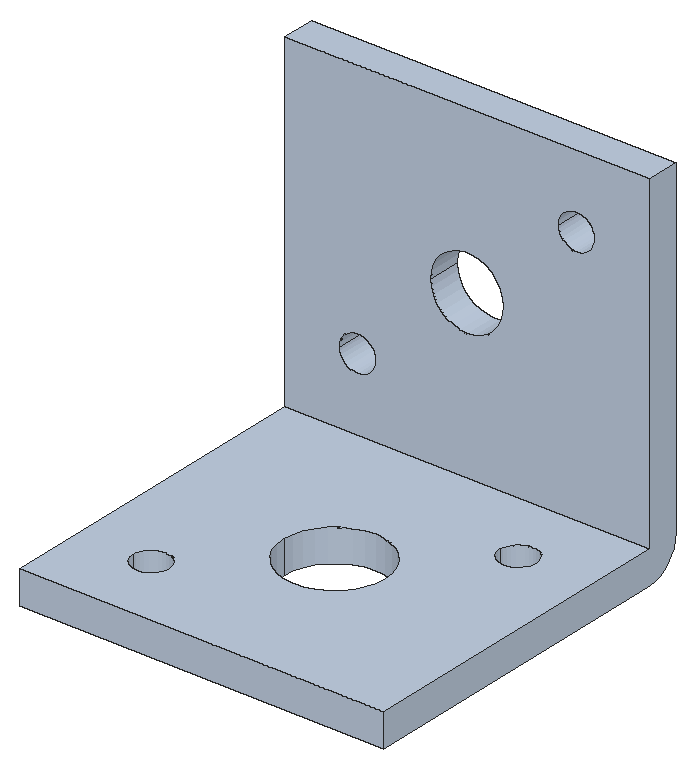
Revit family "AP", category 機械設備, Revit 2020
Family settings
  丸型コネクタ寸法 = 直径を使用
  パーツ タイプ = 標準
  OmniClass 番号 = 23.75.00.00
  OmniClass タイトル = Climate Control (HVAC)
  作業面ベース = いいえ
  常に垂直 = はい
  ロード時にボイドで切り取り = いいえ
  共有 = いいえ
  部屋計算ポイント = いいえ
Parameters (values of type "50x50x50x4.5")
  ﾋﾞｽ ﾏﾃﾘｱﾙ = 電気亜鉛メッキ
  ﾋﾞｽ B [instance] = no
  ﾋﾞｽ A [instance] = no
  ﾋﾞｽ 2 [instance] = no
  ﾋﾞｽ 1 [instance] = no
  ｵｰﾙｱﾝｶｰ ﾏﾃﾘｱﾙ = ステンレス鋼 AISI 304
  ｱﾝｸﾞﾙﾋﾟｰｽ ﾏﾃﾘｱﾙ = 溶融亜鉛メッキ
  ｱﾝｶｰ 2 [instance] = no
  ｱﾝｶｰ 1 [instance] = no
  製造元 = "株式会社サンユー"
  既定の高さ = 0 mm
  t = 4.5 mm
  e = 15 mm
  d = 12.75 mm
  c = 10 mm
  b = 12.75 mm
  a = 10 mm
  URL = "http://www.3you.co.jp"
  L = 50 mm
  H = 50 mm
  D = 50 mm
  APp = APp : 50x50x50x4.5
Types (5, lengths in mm): name | t | e | d | c | b | a | L | H | D | APp
  (no name) | 4.5 | 15 | 12.75 | 10 | 12.75 | 10 | 50 | 50 | 50 | APp : 50x50x50x4.5
  50x50x75x4.5 | 4.5 | 25 | 12.75 | 10 | 12.75 | 10 | 75 | 50 | 50 | APp : 50x50x75x4.5
  50x50x50x4.5 | 4.5 | 15 | 12.75 | 10 | 12.75 | 10 | 50 | 50 | 50 | APp : 50x50x50x4.5
  35x30x50x3.2 | 3.2 | 16.25 | 7.5 | 7.5 | 8.75 | 8.75 | 50 | 30 | 35 | APp : 35x30x50x3.2
  35x30x35x3.2 | 3.2 | 11 | 7.5 | 7.5 | 8.75 | 8.75 | 35 | 30 | 35 | APp : 35x30x35x3.2
Reference planes
  plane 1 "中心(正面/背面)": y = 0
  plane 2: z = 0
  plane 3 "中心(左/右)": x = 0
  plane 4: x = -25
  plane 5: z = 50
  plane 6: x = 25
  plane 7: z = 40
  plane 8: z = 27.25
  plane 9: z = 14.5
  plane 10 "1": z = 4.5
  plane 11: x = -15
  plane 12: x = 15
  plane 13 "2": y = -4.5
  plane 14: y = -14.5
  plane 15: y = -27.25
  plane 16: y = -40
  plane 17: y = -50
Dimensions and locks
  equal spacing: plane 6, plane 3 "中心(左/右)", plane 4
  "H": plane 5 to plane 2
  "L": plane 6 to plane 4
  "t": plane 10 "1" to plane 2
  "e": plane 12 to plane 3 "中心(左/右)" to plane 11
  "D": plane 17 to plane 1 "中心(正面/背面)"
  "t": plane 13 "2" to plane 1 "中心(正面/背面)"
  "a": plane 16 to plane 17
  "b": plane 14 to plane 15 to plane 16
  "c": plane 5 to plane 7
  "d": plane 7 to plane 8 to plane 9
  aligned and locked: level to plane 2
  aligned and locked: plane 3 "中心(左/右)" to nested 1
  aligned and locked: plane 15 to nested 1
  aligned and locked: nested 2 to plane 8
  aligned and locked: nested 6 to plane 12
  aligned and locked: plane 12 to nested 8
  aligned and locked: nested 8 to plane 7
  aligned and locked: plane 7 to nested 6
  aligned and locked: plane 11 to nested 5
  aligned and locked: plane 9 to nested 5
  aligned and locked: nested 7 to plane 11
  aligned and locked: nested 7 to plane 9
  aligned and locked: nested 10 to plane 11
  aligned and locked: plane 16 to nested 10
  aligned and locked: plane 11 to nested 4
  aligned and locked: nested 4 to plane 16
  aligned and locked: plane 12 to nested 9
  aligned and locked: plane 14 to nested 9
  aligned and locked: nested 3 to plane 12
  aligned and locked: nested 3 to plane 14
  aligned and locked: nested 6 to plane 1 "中心(正面/背面)"
  aligned and locked: nested 5 to plane 1 "中心(正面/背面)"
  aligned and locked: plane 2 to nested 9
  aligned and locked: plane 2 to nested 10
  aligned and locked: plane 13 "2" to nested 8
  aligned and locked: plane 13 "2" to nested 7
Nested families
  nested 1: "ｵｰﾙｱﾝｶｰ" at (0, -27.25, 4.5), visible <- "ｱﾝｶｰ 1", ｵｰﾙｱﾝｶｰ 表示 <- "ｱﾝｶｰ 1", type "ｵｰﾙｱﾝｶｰ"
    with ｵｰﾙｱﾝｶｰ 表示 no
  nested 2: "ｵｰﾙｱﾝｶｰ" at (0, -4.5, 27.25) x (1, 0, 0) z (0, -1, 0), visible <- "ｱﾝｶｰ 2", ｵｰﾙｱﾝｶｰ 表示 <- "ｱﾝｶｰ 2", type "ｵｰﾙｱﾝｶｰ"
    with ｵｰﾙｱﾝｶｰ 表示 no
  nested 3: "ﾅﾍﾞﾋﾞｽ" at (15, -14.5, 4.5), ﾋﾞｽ 表示 <- "ﾋﾞｽ 1", ﾋﾞｽ　ﾏﾃﾘｱﾙ <- "ﾋﾞｽ ﾏﾃﾘｱﾙ", type "5x19"
    with ﾋﾞｽ　ﾏﾃﾘｱﾙ 電気亜鉛メッキ, ﾋﾞｽ 表示 no
  nested 4: "ﾅﾍﾞﾋﾞｽ" at (-15, -40, 4.5), ﾋﾞｽ 表示 <- "ﾋﾞｽ 1", ﾋﾞｽ　ﾏﾃﾘｱﾙ <- "ﾋﾞｽ ﾏﾃﾘｱﾙ", type "5x19"
    with ﾋﾞｽ　ﾏﾃﾘｱﾙ 電気亜鉛メッキ, ﾋﾞｽ 表示 no
  nested 5: "ﾅﾍﾞﾋﾞｽ" at (-15, 0, 14.5) x (1, 0, 0) z (0, 1, 0), ﾋﾞｽ 表示 <- "ﾋﾞｽ B", ﾋﾞｽ　ﾏﾃﾘｱﾙ <- "ﾋﾞｽ ﾏﾃﾘｱﾙ", type "5x19"
    with ﾋﾞｽ　ﾏﾃﾘｱﾙ 電気亜鉛メッキ, ﾋﾞｽ 表示 no
  nested 6: "ﾅﾍﾞﾋﾞｽ" at (15, 0, 40) x (1, 0, 0) z (0, 1, 0), ﾋﾞｽ 表示 <- "ﾋﾞｽ B", ﾋﾞｽ　ﾏﾃﾘｱﾙ <- "ﾋﾞｽ ﾏﾃﾘｱﾙ", type "5x19"
    with ﾋﾞｽ　ﾏﾃﾘｱﾙ 電気亜鉛メッキ, ﾋﾞｽ 表示 no
  nested 7: "ﾅﾍﾞﾋﾞｽ" at (-15, -4.5, 14.5) x (1, 0, 0) z (0, -1, 0), ﾋﾞｽ 表示 <- "ﾋﾞｽ 2", ﾋﾞｽ　ﾏﾃﾘｱﾙ <- "ﾋﾞｽ ﾏﾃﾘｱﾙ", type "5x19"
    with ﾋﾞｽ　ﾏﾃﾘｱﾙ 電気亜鉛メッキ, ﾋﾞｽ 表示 no
  nested 8: "ﾅﾍﾞﾋﾞｽ" at (15, -4.5, 40) x (1, 0, 0) z (0, -1, 0), ﾋﾞｽ 表示 <- "ﾋﾞｽ 2", ﾋﾞｽ　ﾏﾃﾘｱﾙ <- "ﾋﾞｽ ﾏﾃﾘｱﾙ", type "5x19"
    with ﾋﾞｽ　ﾏﾃﾘｱﾙ 電気亜鉛メッキ, ﾋﾞｽ 表示 no
  nested 9: "ﾅﾍﾞﾋﾞｽ" at (15, -14.5, 0) x (1, 0, 0) z (0, 0, -1), ﾋﾞｽ 表示 <- "ﾋﾞｽ A", ﾋﾞｽ　ﾏﾃﾘｱﾙ <- "ﾋﾞｽ ﾏﾃﾘｱﾙ", type "5x19"
    with ﾋﾞｽ　ﾏﾃﾘｱﾙ 電気亜鉛メッキ, ﾋﾞｽ 表示 no
  nested 10: "ﾅﾍﾞﾋﾞｽ" at (-15, -40, 0) x (1, 0, 0) z (0, 0, -1), ﾋﾞｽ 表示 <- "ﾋﾞｽ A", ﾋﾞｽ　ﾏﾃﾘｱﾙ <- "ﾋﾞｽ ﾏﾃﾘｱﾙ", type "5x19"
    with ﾋﾞｽ　ﾏﾃﾘｱﾙ 電気亜鉛メッキ, ﾋﾞｽ 表示 no
  nested 11: "APp" at (0, 0, 0), type <- "APp", type "50x50x50x4.5"
Definition of nested family "APp"
  Parameters (values of type "50x50x50x4.5")
    ｱﾝｸﾞﾙﾋﾟｰｽ ﾏﾃﾘｱﾙ = none
    Manufacturer = "株式会社サンユー"
    Default Elevation = 0 mm
    t = 4.5 mm
    r = 7 mm
    e = 15 mm
    d = 12.75 mm
    c = 10 mm
    b = 12.75 mm
    a = 10 mm
    URL = "http://www.3you.co.jp"
    L = 50 mm
    H = 50 mm
    D = 50 mm
  Types (5, lengths in mm): name | t | r | e | d | c | b | a | L | H | D
    (no name) | 4.5 | 7 | 15 | 12.75 | 10 | 12.75 | 10 | 50 | 50 | 50
    50x50x75x4.5 | 4.5 | 7 | 25 | 12.75 | 10 | 12.75 | 10 | 75 | 50 | 50
    50x50x50x4.5 | 4.5 | 7 | 15 | 12.75 | 10 | 12.75 | 10 | 50 | 50 | 50
    35x30x50x3.2 | 3.2 | 7 | 16.25 | 7.5 | 7.5 | 8.75 | 8.75 | 50 | 30 | 35
    35x30x35x3.2 | 3.2 | 5 | 11 | 7.5 | 7.5 | 8.75 | 8.75 | 35 | 30 | 35
  Reference planes
    plane 1 "中心(正面/背面)": y = 0
    plane 2: z = 0
    plane 3 "中心(左/右)": x = 0
    plane 4: x = -25
    plane 5: z = 50
    plane 6: x = 25
    plane 7: z = 40
    plane 8: z = 27.25
    plane 9: z = 14.5
    plane 10: z = 4.5
    plane 11: x = -15
    plane 12: x = 15
    plane 13: y = -4.5
    plane 14: y = -14.5
    plane 15: y = -27.25
    plane 16: y = -40
    plane 17: y = -50
  Forms (mm)
    Extrusion 1, solid, material <- "ｱﾝｸﾞﾙﾋﾟｰｽ ﾏﾃﾘｱﾙ"
      sketch origin (0, 0, 0) x (1, 0, 0) y (0, 0, 1)
        loop
          line (-25, 50) -> (-25, 0) -> (25, 0) -> (25, 50) -> (-25, 50)
        loop
          circle (-15, 14.5) r 2.5
        loop
          circle (0, 27.25) r 5
        loop
          circle (15, 40) r 2.5
      from 0 to 4.5
    Extrusion 2, solid, material <- "ｱﾝｸﾞﾙﾋﾟｰｽ ﾏﾃﾘｱﾙ"
      sketch origin (0, 0, 0) x (1, 0, 0) y (0, 1, 0)
        loop
          line (-25, -4.5) -> (-25, -50) -> (25, -50) -> (25, -4.5) -> (-25, -4.5)
        loop
          circle (15, -14.5) r 2.5
        loop
          circle (-15, -40) r 2.5
        loop
          circle (0, -27.25) r 7
      from 0 to 4.5
    Extrusion 3, void
      sketch origin (0, 0, 0) x (0, 1, 0) y (0, 0, 1)
        loop
          arc (0, 4.5) -> (-1.318, 1.318) -> (-4.5, 0) r 4.5
          line (-4.5, 0) -> (0, 0) -> (0, 4.5)
      from -25 to 25
  Cuts and joins
    Extrusion 3 cuts Extrusion 1
    joined: Extrusion 1, Extrusion 2
  Dimensions and locks
    equal spacing: plane 6, plane 3 "中心(左/右)", plane 4
    "H": plane 5 to plane 2
    "L": plane 6 to plane 4
    "t": plane 10 to plane 2
    "e": plane 12 to plane 3 "中心(左/右)" to plane 11
    "D": plane 17 to plane 1 "中心(正面/背面)"
    "t": plane 13 to plane 1 "中心(正面/背面)"
    "a": plane 16 to plane 17
    "b": plane 14 to plane 15 to plane 16
    "c": plane 5 to plane 7
    "d": plane 7 to plane 8 to plane 9
    "r": radius of Extrusion 2 sketch curve
    aligned and locked: level to plane 2
    aligned and locked: Extrusion 3 to plane 4
    aligned and locked: Extrusion 3 to plane 6
    aligned and locked: plane 10 to cut or joined group of Extrusion 1, Extrusion 2, Extrusion 3
    aligned and locked: cut or joined group of Extrusion 1, Extrusion 2, Extrusion 3 to plane 13
  Automatic sketch dimensions
    Extrusion 1 sketch curve to plane 4 = 0 mm
    Extrusion 1 sketch curve to plane 9 = 0 mm
    Extrusion 1 sketch curve to plane 11 = 0 mm
    Extrusion 1 sketch curve to plane 3 "中心(左/右)" = 0 mm
    Extrusion 1 sketch curve to plane 7 = 0 mm
    plane 12 to Extrusion 1 sketch curve = 0 mm
    Extrusion 1 sketch curve to level = 0 mm
    plane 6 to Extrusion 1 sketch curve = 0 mm
    Extrusion 1 sketch curve to plane 8 = 0 mm
    Extrusion 1 sketch curve to plane 5 = 0 mm
    Extrusion 3 sketch curve to plane 10 = 0 mm
    Extrusion 3 sketch curve to level = 0 mm
    Extrusion 3 sketch curve to plane 1 "中心(正面/背面)" = 0 mm
    Extrusion 2 sketch curve to plane 4 = 0 mm
    Extrusion 2 sketch curve to plane 11 = 0 mm
    Extrusion 2 sketch curve to plane 3 "中心(左/右)" = 0 mm
    Extrusion 2 sketch curve to plane 12 = 0 mm
    Extrusion 2 sketch curve to plane 6 = 0 mm
    Extrusion 2 sketch curve to plane 17 = 0 mm
    Extrusion 2 sketch curve to plane 16 = 0 mm
    Extrusion 2 sketch curve to plane 15 = 0 mm
    Extrusion 2 sketch curve to plane 14 = 0 mm
    Extrusion 2 sketch curve to plane 13 = 0 mm
    radius of Extrusion 1 sketch curve = 2.5 mm  (x2)
    radius of Extrusion 1 sketch curve = 5 mm
    radius of Extrusion 2 sketch curve = 2.5 mm  (x2)
Definition of nested family "ｵｰﾙｱﾝｶｰ"
  Parameters (values of type "ｵｰﾙｱﾝｶｰ")
    ｵｰﾙｱﾝｶｰ ﾏﾃﾘｱﾙ = none
    ｵｰﾙｱﾝｶｰ 表示 [instance] = yes
    Default Elevation = 0 mm
  Reference planes
    plane 1 "中心(正面/背面)": y = 0
    plane 2: z = 0
    plane 3 "中心(左/右)": x = 0
  Forms (mm)
    Revolve 1, solid, material <- "ｵｰﾙｱﾝｶｰ ﾏﾃﾘｱﾙ", visible <- "ｵｰﾙｱﾝｶｰ 表示"
      sketch origin (0, 0, 0) x (1, 0, 0) y (0, 0, 1)
        loop
          line (0, 0) -> (0, 20.2) -> (-2.2, 20.2)
          arc (-2.2, 20.2) -> (-2.816, 19.556) -> (-3.25, 18.777) r 3.5
          line (-3.25, 18.777) -> (-3.25, 17.802)
          arc (-3.25, 17.802) -> (-3.219, 17.384) -> (-3.05, 17) r 1.245
          line (-3.05, 17) -> (-3.845, 17) -> (-5, 15.8) -> (-5, 1.369) -> (-11, 1.369) -> (-11, 0) -> (0, 0)
        axis (0, 20.2) -> (0, 0)
      angle from 0 to 360
  Dimensions and locks
    aligned and locked: level to plane 2
  Nested families
    nested 1: "ﾅｯﾄ" at (0, 0, 1.369), visible <- "ｵｰﾙｱﾝｶｰ 表示", type "ﾅｯﾄ"
  Definition of nested family "ﾅｯﾄ"
    Parameters (values of type "ﾅｯﾄ")
      ﾅｯﾄ　ﾏﾃﾘｱﾙ = none
      Default Elevation = 0 mm
    Reference planes
      plane 1 "中心(正面/背面)": y = 0
      plane 2: z = 0
      plane 3 "中心(左/右)": x = 0
      plane 4: z = 0
    Forms (mm)
      Extrusion 1, solid, material <- "ﾅｯﾄ　ﾏﾃﾘｱﾙ"
        sketch origin (-14.998, 0, 0) x (1, 0, 0) y (0, 1, 0)
          loop
            line (23.498, 4.907) -> (14.998, 9.815) -> (6.498, 4.907) -> (6.498, -4.907) -> (14.998, -9.815) -> (23.498, -4.907) -> (23.498, 4.907)
          loop
            circle (14.998, 0) r 4.5
        from 0 to 7.7
      Sweep 2, void
        path origin (0, 0, 0) x (1, 0, 0) y (0, 1, 0)
          loop
            circle (0, 0) r 8.5
        profile origin (0, 8.5, 0) x (0, -1, 0) y (0, 0, 1)
          loop
            line (0, 7.7) -> (-1.315, 7.7) -> (-1.315, 6.721)
            arc (-1.315, 6.721) -> (-0.612, 7.149) -> (0, 7.7) r 4.432
    Cuts and joins
      Sweep 2 cuts Extrusion 1
    Lines and regions (mm)
      reference lines
        curve 1: circle (0, 0, 0) r 8.5 normal (0, 0, 1)
    Dimensions and locks
      aligned and locked: level to plane 2
Definition of nested family "ﾅﾍﾞﾋﾞｽ"
  Parameters (values of type "4x13")
    ﾋﾞｽ　ﾏﾃﾘｱﾙ [instance] = none
    ﾋﾞｽ 表示 [instance] = yes
    頭 = 4 mm
    Default Elevation = 0 mm
    ねじ山 = L / 1.6 mm - 1  # 6
    Rビス = 1.2 mm
    L = 11.5 mm
  Types (5, lengths in mm): name | 頭 | ねじ山 | Rビス | L
    4x13 | 4 | 6 | 1.2 | 11.5
    4x16 | 4 | 8 | 1.2 | 14.5
    5x16 | 4.5 | 8 | 1.7 | 14.5
    5x19 | 4.5 | 10 | 1.7 | 17.5
    5x30 | 4.5 | 17 | 1.7 | 28.5
  Reference planes
    plane 1 "中心(正面/背面)": y = 0
    plane 2: z = 0
    plane 3 "中心(左/右)": x = 0
    plane 4: z = -11.5
    plane 5: x = -4
    plane 6: y = 0
    plane 7: z = -0.8
    plane 8: x = -3
    plane 9: y = 3
    plane 10: y = -3
    plane 11: x = 3
    plane 12: x = -1
    plane 13: x = -0.69
    plane 14: x = 0.69
    plane 15: y = -0.69
    plane 16: y = 0.69
    plane 17: y = 1
    plane 18: x = 1
    plane 19: y = -1
  Forms (mm)
    Revolve 1, solid, material <- "ﾋﾞｽ　ﾏﾃﾘｱﾙ", visible <- "ﾋﾞｽ 表示"
      sketch origin (0, 0, 0) x (1, 0, 0) y (0, 0, -1)
        loop
          line (0, 13) -> (-1.2, 11.5) -> (-1.2, 0) -> (0, 0) -> (0, 13)
        axis (0, 0) -> (0, 13)
      angle from 0 to 360
    Revolve 2, solid, material <- "ﾋﾞｽ　ﾏﾃﾘｱﾙ", visible <- "ﾋﾞｽ 表示"
      sketch origin (0, 0, 1.042) x (1, 0, 0) y (0, 0, -1)
        loop
          line (0, -2.755) -> (0, 1.042) -> (-2.904, 1.042)
          arc (-2.904, 1.042) -> (-3.698, 0.703) -> (-4, -0.106) r 1.097
          arc (-4, -0.106) -> (-3.448, -1.556) -> (-2.283, -2.58) r 3.224
          arc (-2.283, -2.58) -> (-1.144, -2.701) -> (0, -2.755) r 19.822
        axis (0, -2.755) -> (0, 1.042)
      angle from 0 to 360
    Extrusion 3, void
      sketch origin (0, 0, 0) x (1, 0, 0) y (0, 1, 0)
        loop
          line (-3, 0.69) -> (-3, -0.69) -> (-1.38, -0.69)
          arc (-1.38, -0.69) -> (-0.892, -0.892) -> (-0.69, -1.38) r 0.69
          line (-0.69, -1.38) -> (-0.69, -3) -> (0.69, -3) -> (0.69, -1.38)
          arc (0.69, -1.38) -> (0.892, -0.892) -> (1.38, -0.69) r 0.69
          line (1.38, -0.69) -> (3, -0.69) -> (3, 0.69) -> (1.38, 0.69)
          arc (1.38, 0.69) -> (0.892, 0.892) -> (0.69, 1.38) r 0.69
          line (0.69, 1.38) -> (0.69, 3) -> (-0.69, 3) -> (-0.69, 1.38)
          arc (-0.69, 1.38) -> (-0.892, 0.892) -> (-1.38, 0.69) r 0.69
          line (-1.38, 0.69) -> (-3, 0.69)
      from 2 to 5
  Cuts and joins
    Extrusion 3 cuts Revolve 2
    joined: Revolve 1, Revolve 2
  Dimensions and locks
    "頭": plane 5 to plane 3 "中心(左/右)"
    "Rビス": Revolve 1 sketch curve to Revolve 1 sketch curve
    "L": level to plane 4
    locked: plane 2 to plane 7 at 0.8
    equal spacing: group 1, group 2, group 3, group 4, group 5, group 6  (x2)
    equal spacing: group 6, group 5, group 4, group 3, group 2, group 1
    aligned and locked: level to plane 2
    aligned and locked: nested 1 to plane 7
  Automatic sketch dimensions
    Revolve 2 sketch curve to plane 5 = 0 mm  (x2)
    Revolve 2 sketch curve to level = 0 mm  (x2)
    Revolve 2 sketch curve to plane 3 "中心(左/右)" = 0 mm  (x2)
    Revolve 2 sketch curve to plane 3 "中心(左/右)" = 0.8 mm
    plane 3 "中心(左/右)" to Revolve 2 sketch curve = 0.368 mm
    level to Revolve 2 sketch curve = 0.761 mm
    plane 4 to Revolve 2 sketch curve = 4.521 mm
    Revolve 2 sketch curve to Revolve 2 sketch curve = 0 mm
    level to Revolve 2 sketch curve = 1.097 mm
    Revolve 2 sketch curve to Revolve 2 sketch curve = 3.037 mm
    Extrusion 3 sketch curve to plane 8 = 0 mm
    Extrusion 3 sketch curve to plane 14 = 0 mm  (x2)
    plane 10 to Extrusion 3 sketch curve = 0 mm
    Extrusion 3 sketch curve to plane 15 = 0 mm  (x2)
    Extrusion 3 sketch curve to plane 11 = 0 mm
    Extrusion 3 sketch curve to plane 19 = 0.38 mm  (x2)
    Extrusion 3 sketch curve to plane 9 = 0 mm
    Extrusion 3 sketch curve to plane 13 = 0 mm  (x2)
    plane 17 to Extrusion 3 sketch curve = 0.38 mm  (x2)
    Extrusion 3 sketch curve to plane 16 = 0 mm  (x2)
    Revolve 1 sketch curve to plane 4 = 0 mm
    Revolve 1 sketch curve to level = 0 mm  (x2)
    Revolve 1 sketch curve to plane 3 "中心(左/右)" = 0 mm  (x2)
    plane 4 to Revolve 1 sketch curve = 1.5 mm
    Revolve 1 sketch curve to Revolve 1 sketch curve = 0 mm
  Nested families
    nested 1: "ねじ山" at (0, 0, -1.6), visible <- "ﾋﾞｽ 表示", type "ねじ山"
    nested 2: "ねじ山" at (0, 0, -3.2), visible <- "ﾋﾞｽ 表示", type "ねじ山"
    nested 3: "ねじ山" at (0, 0, -4.8), visible <- "ﾋﾞｽ 表示", type "ねじ山"
    nested 4: "ねじ山" at (0, 0, -6.4), visible <- "ﾋﾞｽ 表示", type "ねじ山"
    nested 5: "ねじ山" at (0, 0, -8), visible <- "ﾋﾞｽ 表示", type "ねじ山"
    nested 6: "ねじ山" at (0, 0, -9.6), visible <- "ﾋﾞｽ 表示", type "ねじ山"
  Definition of nested family "ねじ山"
    Parameters (values of type "ねじ山")
      ねじ山　ﾏﾃﾘｱﾙ = none
      Default Elevation = 0 mm
      外半径 = 内半径 + 0.8 mm  # 2.9 mm
      内半径 = 2.1 mm
      ねじ山 表示 = yes
    Reference planes
      plane 1 "中心(正面/背面)": y = 0
      plane 2: z = 0
      plane 3 "中心(左/右)": x = 0
    Forms (mm)
      Extrusion 1, solid, material <- "ねじ山　ﾏﾃﾘｱﾙ", visible <- "ねじ山 表示"
        sketch origin (0, 0, 0) x (1, 0, 0) y (0, 1, 0)
          loop
            circle (0, 0) r 2.1
          loop
            circle (0, 0) r 2.9
        from 0 to 0.8
    Dimensions and locks
      "内半径": radius of Extrusion 1 sketch curve
      "外半径": radius of Extrusion 1 sketch curve
      aligned and locked: level to plane 2
    Automatic sketch dimensions
      Extrusion 1 sketch curve to Extrusion 1 sketch curve = 0 mm  (x2)
      plane 1 "中心(正面/背面)" to Extrusion 1 sketch curve = 0 mm
      Extrusion 1 sketch curve to plane 3 "中心(左/右)" = 0 mm
